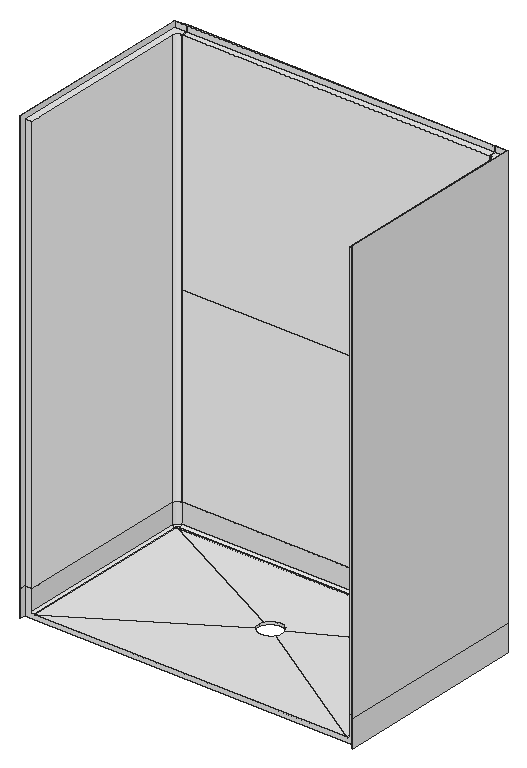
Revit family "5LRS6034FB75B,FB2B", category Plumbing Fixtures, Revit 2014
Parameters (values of type "5LRS6034FB75B")
  Unit Width = 5' - 0"
  Unit Height = 6' - 9 1/4"
  URL = "http://www.best-bath.com/"
  Type Comments = "Barrier Free"
  Threshold Height = 0' - 0 3/4"
  Model = "5LRS6034FB75B"
  Material [instance] = Best Bath Gelcoat Fiberglass - RealTile
  Manufacturer = "Best Bath Systems, Inc."
  Keynote = "22 40 00.B3"
  Description = "RealTile, Beveled Threshold"
  Assembly Code = "D2010710"
Types (3): name | Unit Height | Threshold Height | Model
  (no name) | 6' - 9 1/4" | 0' - 0 3/4" | "5LRS6034FB75B"
  5LRS6034FB75B | 6' - 9 1/4" | 0' - 0 3/4" | "5LRS6034FB75B"
  5LRS6033FB2B | 6' - 10 1/2" | 0' - 2" | "5LRS6033FB2B"
Reference planes (in)
  plane 1: z = 0
  plane 2 "Left": x = 0
  plane 3: z = 80.25
  plane 4: z = 81.25
  plane 5: y = 2.36165
  plane 6: y = 36.36165
  plane 7: x = 60
  plane 8: y = 35.11165
  plane 9: y = 20.36165
  plane 10: x = 30
  plane 11: z = 0.375
  plane 12: z = 0.75
  plane 13: z = 39
  plane 14: z = 4.75
  plane 15: y = 1.36165
Forms (in)
  Extrusion 1, solid, material "Best Bath Gelcoat Fiberglass - Smooth"
    sketch origin (0, 0, 0) x (1, 0, 0) y (0, 1, 0)
      loop
        line (0, 2.36165) -> (60, 2.36165) -> (60, 36.36165) -> (0, 36.36165) -> (0, 2.36165)
      loop
        circle (30, 20.36165) r 2.125
    from 0 to 0.75
  Extrusion 2, solid, material "Best Bath Gelcoat Fiberglass - Smooth"
    sketch origin (0, 0, 0) x (1, 0, 0) y (0, 1, 0)
      loop
        line (2.25, 36.36165) -> (2.25, 35.11165) -> (57.75, 35.11165) -> (57.75, 36.36165) -> (2.25, 36.36165)
    from 4.75 to 39
  Blend 3, void
    base sketch origin (0, 0, 0) x (1, 0, 0) y (0, 1, 0)
      loop
        line (1.875, 2.36165) -> (58.125, 2.36165) -> (58.125, 34.48665) -> (1.875, 34.48665) -> (1.875, 2.36165)
    top sketch origin (0, 0, 0) x (1, 0, 0) y (0, 1, 0)
      loop
        circle (30, 20.36165) r 0.07952
    from 0.75 to 0.375
  Extrusion 4, solid, material "Best Bath Gelcoat Fiberglass - Smooth"
    sketch origin (0, 0, 0) x (1, 0, 0) y (0, 1, 0)
      loop
        line (2.25, 36.36165) -> (2.25, 35.11165) -> (57.75, 35.11165) -> (57.75, 36.36165) -> (2.25, 36.36165)
    from 39 to 80.25
  Extrusion 5, solid, material "Best Bath Gelcoat Fiberglass - Smooth"
    sketch origin (0.25, 0, 0) x (1, 0, 0) y (0, 1, 0)
      loop
        line (-0.25, 2.36165) -> (1, 2.36165) -> (1, 34.11165)
        arc (1, 34.11165) -> (1.29289, 34.81875) -> (2, 35.11165) r 1
        line (2, 35.11165) -> (2, 36.36165) -> (-0.25, 36.36165) -> (-0.25, 2.36165)
      loop
        line (59.75, 2.36165) -> (59.75, 36.36165) -> (57.5, 36.36165) -> (57.5, 35.11165)
        arc (57.5, 35.11165) -> (58.20711, 34.81875) -> (58.5, 34.11165) r 1
        line (58.5, 34.11165) -> (58.5, 2.36165) -> (59.75, 2.36165)
    from 4.75 to 80.25
  Extrusion 6, solid, material "Best Bath Gelcoat Fiberglass - Smooth"
    sketch origin (0, 0, 0) x (1, 0, 0) y (0, 1, 0)
      loop
        line (0, 36.36165) -> (0, 2.36165) -> (1.25, 2.36165) -> (1.25, 34.11165)
        arc (1.25, 34.11165) -> (1.54289, 34.81875) -> (2.25, 35.11165) r 1
        line (2.25, 35.11165) -> (57.75, 35.11165)
        arc (57.75, 35.11165) -> (58.45711, 34.81875) -> (58.75, 34.11165) r 1
        line (58.75, 34.11165) -> (58.75, 2.36165) -> (60, 2.36165) -> (60, 35.11165) -> (60, 36.36165) -> (0, 36.36165)
    from 0 to 4.75
  Sweep 7, solid, material "Best Bath Gelcoat Fiberglass - Smooth"
    path origin (0, 0, 0) x (1, 0, 0) y (0, 1, 0)
      loop
        line (1.25, 2.36165) -> (1.25, 34.11165)
        arc (1.25, 34.11165) -> (1.54289, 34.81875) -> (2.25, 35.11165) r 1
        line (2.25, 35.11165) -> (57.75, 35.11165)
        arc (57.75, 35.11165) -> (58.45711, 34.81875) -> (58.75, 34.11165) r 1
        line (58.75, 34.11165) -> (58.75, 2.36165)
    profile origin (1.25, 18.23665, 0) x (-1, 0, 0) y (0, 0, 1)
      loop
        line (0, 0.75) -> (0, 1.125)
        arc (0, 1.125) -> (-0.10983, 0.85983) -> (-0.375, 0.75) r 0.375
        line (-0.375, 0.75) -> (0, 0.75)
  Extrusion 8, solid, material "Best Bath Gelcoat Fiberglass - Smooth"
    sketch origin (0, 0, 0) x (1, 0, 0) y (0, 1, 0)
      loop
        line (0, 1.36165) -> (0.125, 1.36165) -> (0.125, 2.36165) -> (0, 2.36165) -> (0, 1.36165)
      loop
        line (60, 1.36165) -> (60, 2.36165) -> (59.875, 2.36165) -> (59.875, 1.36165) -> (60, 1.36165)
    from 0 to 4.75
  Extrusion 9, solid, material "Best Bath Gelcoat Fiberglass - Smooth"
    sketch origin (0, 0, 0) x (1, 0, 0) y (0, 1, 0)
      loop
        line (2.25, 36.36165) -> (2.25, 36.23665) -> (57.75, 36.23665) -> (57.75, 36.36165) -> (2.25, 36.36165)
    from 80.25 to 81.25
  Extrusion 10, solid, material "Best Bath Gelcoat Fiberglass - Smooth"
    sketch origin (0, 0, 0) x (1, 0, 0) y (0, 1, 0)
      loop
        line (0.125, 1.36165) -> (0.125, 36.23665) -> (2.25, 36.23665) -> (2.25, 36.36165) -> (0, 36.36165) -> (0, 1.36165) -> (0.125, 1.36165)
      loop
        line (59.875, 1.36165) -> (60, 1.36165) -> (60, 36.36165) -> (57.75, 36.36165) -> (57.75, 36.23665) -> (59.875, 36.23665) -> (59.875, 1.36165)
    from 4.75 to 81.25
Cuts and joins
  joined: Extrusion 4, Extrusion 9
  joined: Extrusion 5, Extrusion 10
  Blend 3 cuts Extrusion 1
  joined: Extrusion 1, Extrusion 6, Sweep 7, Extrusion 8
Dimensions and locks (in)
  locked: plane 4 to plane 3 at 1
  "Unit Height": plane 4 to level
  equal spacing: plane 2 "Left", plane 10, plane 7
  "Unit Width": plane 2 "Left" to plane 7
  locked: plane 6 to plane 8 at 1.25
  locked: plane 6 to plane 9 at 16
  "Threshold Height": plane 12 to level
  locked: plane 12 to plane 11 at 0.375
  locked: plane 13 to plane 14 at 34.25
  locked: plane 14 to plane 12 at 4
  locked: plane 5 to plane 15 at 1
  plane 6 to plane 15 = 2' - 11"
  aligned and locked: level to plane 1
  aligned and locked: Extrusion 1 sketch curve to plane 5
  aligned and locked: Extrusion 1 sketch curve to plane 2 "Left"
  aligned and locked: plane 6 to Extrusion 1 sketch curve
  aligned and locked: Extrusion 1 sketch curve to plane 7
  aligned and locked: plane 10 to Extrusion 1 sketch curve
  aligned and locked: plane 9 to Extrusion 1 sketch curve
  aligned and locked: plane 12 to Extrusion 1
  aligned and locked: plane 9 to Blend 3 sketch curve
  aligned and locked: plane 10 to Blend 3 sketch curve
  aligned and locked: Extrusion 1 to Blend 3
  aligned and locked: Blend 3 to plane 11
  aligned and locked: plane 13 to Extrusion 2
  aligned and locked: Extrusion 4 to Extrusion 2
  aligned and locked: plane 3 to Extrusion 4
  aligned and locked: plane 3 to Extrusion 5
  aligned and locked: plane 14 to Extrusion 6
  aligned and locked: Extrusion 5 to plane 14
  aligned and locked: Extrusion 2 to plane 14
  aligned and locked: Sweep 7 sketch curve to plane 12
  aligned and locked: Extrusion 8 to Extrusion 2
  aligned and locked: Extrusion 9 to plane 3
  aligned and locked: plane 4 to Extrusion 9
  aligned and locked: Extrusion 10 to Extrusion 2
  aligned and locked: plane 4 to Extrusion 10
Automatic sketch dimensions
  Extrusion 6 sketch curve to plane 2 "Left" = 0' - 0"
  Extrusion 6 sketch curve to plane 5 = 0' - 0"  (x2)
  Extrusion 6 sketch curve to plane 8 = 0' - 0"  (x2)
  Extrusion 6 sketch curve to plane 7 = 0' - 0"
  Extrusion 6 sketch curve to plane 6 = 0' - 0"
  Extrusion 6 sketch curve to Extrusion 6 sketch curve = 0' - 1 1/4"  (x2)
  Extrusion 6 sketch curve to Extrusion 6 sketch curve = 0' - 1"
  Extrusion 6 sketch curve to plane 8 = 0' - 1"
  Extrusion 5 sketch curve to plane 2 "Left" = 0' - 0"
  Extrusion 5 sketch curve to plane 5 = 0' - 0"  (x2)
  Extrusion 5 sketch curve to plane 6 = 0' - 0"  (x2)
  Extrusion 5 sketch curve to plane 8 = 0' - 0"  (x2)
  Extrusion 5 sketch curve to plane 7 = 0' - 0"
  Extrusion 5 sketch curve to Extrusion 5 sketch curve = 0' - 1 1/4"
  Extrusion 5 sketch curve to Extrusion 5 sketch curve = 0' - 1"
  plane 7 to Extrusion 5 sketch curve = 0' - 2 1/4"
  Extrusion 5 sketch curve to plane 8 = 0' - 1"
  Extrusion 2 sketch curve to plane 8 = 0' - 0"
  Extrusion 2 sketch curve to plane 6 = 0' - 0"
  plane 2 "Left" to Extrusion 2 sketch curve = 0' - 2 1/4"
  plane 7 to Extrusion 2 sketch curve = 0' - 2 1/4"
  Extrusion 4 sketch curve to plane 8 = 0' - 0"
  Extrusion 4 sketch curve to plane 6 = 0' - 0"
  plane 2 "Left" to Extrusion 4 sketch curve = 0' - 2 1/4"
  plane 7 to Extrusion 4 sketch curve = 0' - 2 1/4"
  Sweep 7 sketch curve to profile plane = 0' - 0"
  profile plane to Sweep 7 sketch curve = 0' - 0 3/8"
  Extrusion 8 sketch curve to plane 2 "Left" = 0' - 0"
  Extrusion 8 sketch curve to plane 5 = 0' - 0"  (x2)
  Extrusion 8 sketch curve to plane 15 = 0' - 0"  (x2)
  Extrusion 8 sketch curve to plane 7 = 0' - 0"
  plane 2 "Left" to Extrusion 8 sketch curve = 0' - 0 1/8"
  plane 7 to Extrusion 8 sketch curve = 0' - 0 1/8"
  Extrusion 9 sketch curve to plane 6 = 0' - 0"
  plane 2 "Left" to Extrusion 9 sketch curve = 0' - 2 1/4"
  plane 7 to Extrusion 9 sketch curve = 0' - 2 1/4"
  Extrusion 9 sketch curve to plane 6 = 0' - 0 1/8"
  Extrusion 10 sketch curve to plane 2 "Left" = 0' - 0"
  Extrusion 10 sketch curve to plane 15 = 0' - 0"  (x2)
  Extrusion 10 sketch curve to plane 6 = 0' - 0"  (x2)
  Extrusion 10 sketch curve to plane 7 = 0' - 0"
  plane 2 "Left" to Extrusion 10 sketch curve = 0' - 0 1/8"
  Extrusion 10 sketch curve to plane 6 = 0' - 0 1/8"  (x2)
  Extrusion 10 sketch curve to Extrusion 10 sketch curve = 0' - 2 1/8"
  plane 7 to Extrusion 10 sketch curve = 0' - 2 1/4"
  plane 7 to Extrusion 10 sketch curve = 0' - 0 1/8"
  Sweep 7 sketch curve to plane 5 = 0' - 0"  (x2)
  Sweep 7 sketch curve to plane 8 = 0' - 0"
  plane 2 "Left" to Sweep 7 sketch curve = 0' - 1 1/4"
  Sweep 7 sketch curve to Sweep 7 sketch curve = 0' - 1"
  Sweep 7 sketch curve to plane 8 = 0' - 1"
  plane 7 to Sweep 7 sketch curve = 0' - 2 1/4"
  Blend 3 sketch curve to plane 5 = 0' - 0"
  Blend 3 sketch curve to plane 8 = 0' - 0 5/8"
  plane 2 "Left" to Blend 3 sketch curve = 0' - 1 7/8"
  plane 7 to Blend 3 sketch curve = 0' - 1 7/8"
  radius of Extrusion 1 sketch curve = 0' - 2 1/8"
  radius of Blend 3 sketch curve = 0' - 0.07952"
